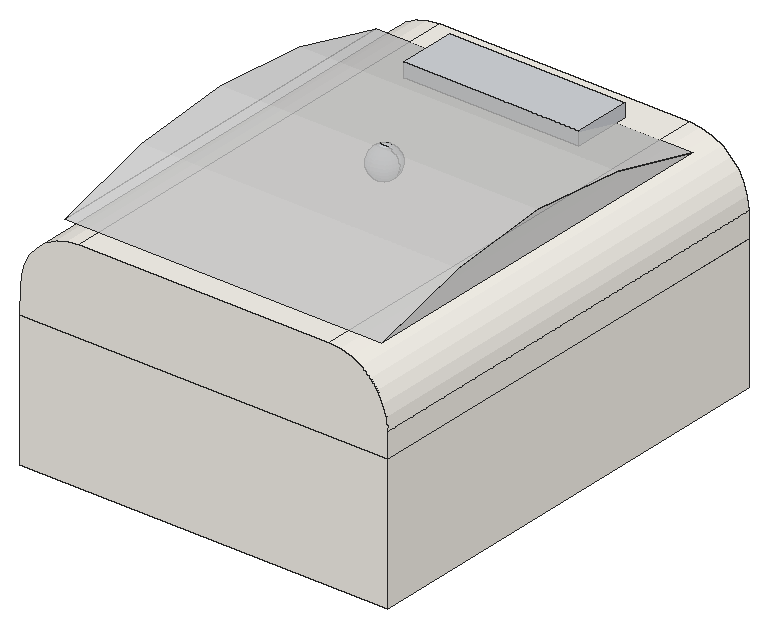
Revit family "Domotics-DomesticRanges-GEWISS-CHORUS_SIGNALLING-LAMP_ANTIBLACKOUT_EXTRACTABLE", category Apparecchi elettrici, host Superficie, Revit 2016
Family settings
  Host = Superficie
  Mantenere orientamento annotazione = Sì
  Tipo di parte = Normale
  Quota connettore circolare = Usa diametro
  Taglio con vuoti quando caricato = Sì
  Condiviso = Sì
  Punto di calcolo locali = Sì
Parameters (values of type "GW14661 - EXT.ANTI-BLACKOUT LAMP 230VAC 50/60Hz T.")
  finitura = GEWISS NERO
  Visibilità simbolo in pianta [instance] = yes
  Visibilità lampada [instance] = yes
  Version file RFA = "19.0"
  URL = "https://www.gewiss.com/ww/en"
  Type: = "Withdrawable"
  Tipo_ = CHORUS LAMPADE ANTIBLACK-OUT ESTRAIBILE_G : GW14661 Lampada anti black-out estraibile 230V ac 50/60Hz 2h titanio
  Technical sheet = "https://www.gewiss.com/ww/en/search?q=GW14661"
  Supply voltage = "230 V ac - 50/60 Hz"
  SEO = "Lamp"
  Realized by GEWISS S.p.A. = ""
  Produttore = "GEWISS S.p.A."
  Power supply batteries = "Ni - Mh"
  Offset_bidimensionale [instance] = 2 mm
  Default Elevation = 1219.2 mm
  Offset_lampada [instance] = 0 mm
  Modello = "GW14661"
  Minimum autonomy = "2H"
  Larghezza_lampada = 23 mm
  Lamp = "LED"
  Immagine tipo = GW14661.jpg
  IFC.TypeObject = ""
  IFC.ExportType = ""
  IFC.ExportAs = ""
  IDT = "d6ec7bda-7e47-4b3f-94b6-7140f3f874e4"
  IDF = "b7dda38d-db55-4de2-a9c0-19da66d1ca7b"
  Electrocod = "0781                "
  EAN code = "8011564438309"
  Distanza_x [instance] = 0 mm
  Distanza_effettiva_x [instance] = 1500 mm - Distanza_x  # 1500 mm
  Descrizione = "EXT.ANTI-BLACKOUT LAMP 230VAC 50/60Hz T."
  Description. = "Extractable anti black-out lamp"
  Colour = "Titanium"
  Catalogue Range = "CHORUS - DOMESTIC RANGE"
  Catalogue = "DOMOTICS"
  COBie.Tagnumber = ""
  COBie.CreatedOn = ""
  COBie.CreatebBy = ""
  COBie.ComponentRegisterItemID = ""
  COBie.Component.TagNumber = ""
  COBie.Component.Space = ""
  COBie.Component.SerialNumber = ""
  COBie.Component.InstallationDate = ""
  COBie.Component.Description = ""
  COBie.Component.BarCode = ""
  Altezza_lampada = 45 mm
Types (3, lengths in mm): name | Tipo_ | Technical sheet | Modello | Immagine tipo | IDT | EAN code | Descrizione | Colour
  GW10661 - EXT.ANTI-BLACKOUT LAMP 230VAC 50/60Hz 2h | CHORUS LAMPADE ANTIBLACK-OUT ESTRAIBILE_G : GW10661 Lampada anti black-out estraibile 230V ac 50/60Hz 2h bianco | "https://www.gewiss.com/ww/en/search?q=GW10661" | "GW10661" | GW10661.jpg | "7354810d-7fdf-41ae-958a-27d447c901bf" | "8011564259928" | "EXT.ANTI-BLACKOUT LAMP 230VAC 50/60Hz 2h" | "White"
  GW12661 - EXT.ANTI-BLACKOUT LAMP 230VAC 50/60Hz 2h | CHORUS LAMPADE ANTIBLACK-OUT ESTRAIBILE_G : GW12661 Lampada anti black-out estraibile 230V ac 50/60Hz 2h nero | "https://www.gewiss.com/ww/en/search?q=GW12661" | "GW12661" | GW12661.jpg | "bd851569-3ac3-4145-8da6-418a121a21f1" | "8011564269941" | "EXT.ANTI-BLACKOUT LAMP 230VAC 50/60Hz 2h" | "Black"
  GW14661 - EXT.ANTI-BLACKOUT LAMP 230VAC 50/60Hz T. | CHORUS LAMPADE ANTIBLACK-OUT ESTRAIBILE_G : GW14661 Lampada anti black-out estraibile 230V ac 50/60Hz 2h titanio | "https://www.gewiss.com/ww/en/search?q=GW14661" | "GW14661" | GW14661.jpg | "d6ec7bda-7e47-4b3f-94b6-7140f3f874e4" | "8011564438309" | "EXT.ANTI-BLACKOUT LAMP 230VAC 50/60Hz T." | "Titanium"
Reference planes
  plane 1 "Centro (Fronte/Retro)": y = 0
  plane 2: z = 0
  plane 3 "Centro (Sinistra/Destra)": x = 0
  plane 4: x = -1500
  plane 5: x = 0
  plane 6: z = 0
  plane 7: z = 26
  plane 8 "bd": z = 28
Lines and regions (mm)
  Masking region 1, detail levels coarse
    outline origin (0, 0, 0) x (1, 0, 0) y (0, 0, 1)
      loop
        line (22, 0) -> (22, 26) -> (-22, 26) -> (-22, 0) -> (22, 0)
Dimensions and locks
  plane 4 to plane 3 "Centro (Sinistra/Destra)" = 1500 mm
  "Distanza_effettiva_x": plane 4 to plane 5
  "Offset_lampada": plane 6 to host face
  locked: plane 7 to plane 6 at 26
  "Offset_bidimensionale": plane 8 "bd" to plane 7
  aligned and locked: plane 2 to host face
  aligned and locked: level to host face
  aligned and locked: nested 1 to plane 6
  aligned and locked: nested 1 to Masking region 1 sketch curve
  aligned and locked: plane 5 to nested 2
  aligned and locked: plane 1 "Centro (Fronte/Retro)" to nested 1
  aligned and locked: plane 3 "Centro (Sinistra/Destra)" to nested 1
Automatic sketch dimensions
  host sketch curve to host sketch curve = 2438.4 mm  (x2)
  Masking region 1 sketch curve to plane 7 = 0 mm
  Masking region 1 sketch curve to plane 3 "Centro (Sinistra/Destra)" = 22 mm
  Masking region 1 sketch curve to Masking region 1 sketch curve = 44 mm
Nested families
  nested 1: "CHORUS LAMPADE ANTIBLACK-OUT ESTRAIBILE_G" at (-11.2, 0, 0), visible <- "Visibilità lampada", type <- "Tipo_", type "GW14661 Lampada anti black-out estraibile 230V ac 50/60Hz 2h titanio", detail levels medium+fine
    with Spostamento_y_effettivo_etichetta 1000 mm, Spostamento_X_etichetta 0 mm, Spostamento_X_effettivo_etichetta 1000 mm, Distanza orizzontale del simbolo 0 mm, Distanza dal muro 4.208 mm, Cornice simbolo yes
  nested 2: "LAMPEMERG" at (0, 209.005, 0), SIMBOLO <- "Visibilità simbolo in pianta", type "LAMPEMERG"
    with SIMBOLO yes, Distanza dal muro 6 mm, BORDO ACCESO yes
Definition of nested family "CHORUS LAMPADE ANTIBLACK-OUT ESTRAIBILE_G"
  Parameters (values of type "tipo 1")
    Spostamento_y_effettivo_etichetta [instance] = 1000 mm
    Spostamento_X_etichetta [instance] = 0 mm
    Spostamento_X_effettivo_etichetta [instance] = 1000 mm - Spostamento_X_etichetta  # 1000 mm
    Default Elevation = 1219.2 mm
    Manufacturer = "GEWISS"
    Model = "GW12195"
    Materiale = none
    L = 54 mm
    Type Image = (empty or 0)
    IFC.TypeObject = ""
    IFC.ExportType = ""
    IFC.ExportAs = ""
    H = 44 mm
    Distanza orizzontale del simbolo [instance] = 0 mm
    Distanza dal muro [instance] = 4.208 mm
    Description = "COPRIFORO 1M NERO"
    Cornice simbolo [instance] = yes
    Type Comments = ""
    COBie.CreatedOn = ""
    COBie.CreatebBy = ""
    COBie.ComponentRegisterItemID = ""
    COBie.Component.TagNumber = ""
    COBie.Component.Space = ""
    COBie.Component.SerialNumber = ""
    COBie.Component.InstallationDate = ""
    COBie.Component.Description = ""
    COBie.Component.BarCode = ""
  Reference planes
    plane 1 "Centro (Fronte/Retro)": y = 0
    plane 2: z = 0
    plane 3 "Centro (Sinistra/Destra)": x = 0
    plane 4: x = 33.2
    plane 5: x = -10.8
    plane 6: x = 0
    plane 7: x = 11.2
    plane 8: y = 27
    plane 9: y = -27
    plane 10: through (-60.367, 53, 1200) normal (0.9613, 0.2756, 0)
    plane 11: through (-48.369, -19.812, 1200) normal (-0.6428, 0.766, 0)
    plane 12: z = 16
    plane 13: x = 17.255
    plane 14: y = 5
    plane 15: y = -5
    plane 16: x = 2.054
    plane 17: y = 4.5
    plane 18: x = 2.554
    plane 19: x = 16.755
    plane 20: y = -4.5
    plane 21: z = 26.5
    plane 22 "a": z = 26
    plane 23: x = -7.8
    plane 24: x = 30.2
  Forms (mm)
    Extrusion 1, solid, material <- "Materiale"
      sketch origin (0, 0, 0) x (1, 0, 0) y (0, 0, 1)
        loop
          line (-10.8, 19) -> (-10.8, 16) -> (33.2, 16) -> (33.2, 19)
          arc (33.2, 19) -> (31.15, 23.95) -> (26.2, 26) r 7
          line (26.2, 26) -> (-3.8, 26)
          arc (-3.8, 26) -> (-8.75, 23.95) -> (-10.8, 19) r 7
      from -27 to 27
    Extrusion 2, solid, material <- "Materiale"
      sketch origin (0, 0, 0) x (1, 0, 0) y (0, 0, 1)
        loop
          line (-10.8, 0) -> (33.2, 0) -> (33.2, 16) -> (-10.8, 16) -> (-10.8, 0)
      from -27 to 27
    Extrusion 3, solid
      sketch origin (0, 0, 0) x (0, 1, 0) y (0, 0, 1)
        loop
          line (-24.066, 26) -> (22.633, 26)
          arc (22.633, 26) -> (-0.717, 30.131) -> (-24.066, 26) r 68.054
      from -7.8 to 30.2
    Extrusion 4, solid
      sketch origin (0, 0, 26) x (-1, 0, 0) y (0, -1, 0)
        loop
          line (0, -23.792) -> (0, -16.989) -> (-20.95, -16.989) -> (-20.95, -23.792) -> (0, -23.792)
      from 0 to 1.647
    Revolve 5, solid
      sketch origin (0, 0, 0) x (1, 0, 0) y (0, 0, 1)
        loop
          line (11.2, 26.5) -> (11.2, 30.135)
          arc (11.2, 30.135) -> (9.382, 28.318) -> (11.2, 26.5) r 1.818
        axis (11.2, 30.135) -> (11.2, 26.5)
      angle from 0 to 360
  Text (mm)
    text "B=C*A" at (54.401, 20.009, 0), in view "Livello rif."
  Dimensions and locks
    equal spacing: plane 8, plane 1 "Centro (Fronte/Retro)", plane 9
    "L": plane 8 to plane 9
    equal spacing: plane 5, plane 7, plane 4
    "H": plane 5 to plane 4
    locked: plane 12 to plane 2 at 16
    equal spacing: plane 14, plane 1 "Centro (Fronte/Retro)", plane 15
    locked: plane 14 to plane 17 at 0.5
    locked: plane 16 to plane 18 at 0.5
    locked: plane 20 to plane 15 at 0.5
    locked: plane 19 to plane 13 at 0.5
    locked: plane 21 to Extrusion 1 at 0.5
    locked: plane 5 to plane 23 at 3
    locked: plane 24 to plane 4 at 3
    angle plane 1 "Centro (Fronte/Retro)" to plane 7 = 90.00°
    angle plane 11 to plane 10 = 66.00°
    angle plane 10 to plane 11 = 114.00°
    aligned and locked: level to plane 2
    aligned and locked: Extrusion 1 sketch curve to plane 5
    aligned and locked: Extrusion 1 sketch curve to plane 4
    aligned and locked: plane 8 to Extrusion 1
    aligned and locked: Extrusion 1 to plane 9
    aligned and locked: plane 12 to Extrusion 1 sketch curve
    aligned and locked: Extrusion 2 sketch curve to plane 12
    aligned and locked: Extrusion 2 sketch curve to plane 5
    aligned and locked: plane 4 to Extrusion 2 sketch curve
    aligned and locked: Extrusion 2 sketch curve to plane 2
    aligned and locked: plane 8 to Extrusion 2
    aligned and locked: Extrusion 2 to plane 9
    aligned and locked: Extrusion 3 to plane 23
    aligned and locked: plane 24 to Extrusion 3
    aligned and locked: Extrusion 4 to Extrusion 1
  Automatic sketch dimensions
    Extrusion 1 sketch curve to Extrusion 1 sketch curve = 3 mm
    plane 5 to Extrusion 1 sketch curve = 7 mm
    Extrusion 1 sketch curve to plane 4 = 7 mm
    Extrusion 3 sketch curve to plane 22 "a" = 0 mm
    plane 1 "Centro (Fronte/Retro)" to Extrusion 3 sketch curve = 0.717 mm
    Extrusion 3 sketch curve to level = 37.923 mm
    plane 9 to Extrusion 3 sketch curve = 2.934 mm
    Extrusion 4 sketch curve to plane 3 "Centro (Sinistra/Destra)" = 0 mm
    plane 13 to Extrusion 4 sketch curve = 3.696 mm
    Extrusion 4 sketch curve to plane 8 = 3.208 mm
    Extrusion 4 sketch curve to Extrusion 4 sketch curve = 6.804 mm
    Revolve 5 sketch curve to plane 7 = 0 mm  (x2)
    Revolve 5 sketch curve to plane 21 = 0 mm  (x2)
    Revolve 5 sketch curve to Revolve 5 sketch curve = 1.818 mm
    Revolve 5 sketch curve to Revolve 5 sketch curve = 0 mm
Definition of nested family "LAMPEMERG"
  Parameters (values of type "LAMPEMERG")
    SIMBOLO [instance] = yes
    Distanza dal muro [instance] = 4.208 mm
    BORDO ACCESO [instance] = yes
  Reference planes
    plane 1: y = 0
    plane 2: x = 0
  Lines and regions (mm)
    detail lines, visible <- "SIMBOLO"
      curve 1: line (-1.388, 7.837, 0) -> (-1.388, 5.077, 0)
      curve 2: line (-1.388, 5.077, 0) -> (1.372, 5.077, 0)
      curve 3: line (1.372, 5.077, 0) -> (1.372, 7.837, 0)
      curve 4: line (1.372, 7.837, 0) -> (-1.388, 7.837, 0)
      curve 5: line (-1.388, 7.837, 0) -> (-0.325, 6.774, 0)
      curve 6: line (-0.325, 6.14, 0) -> (-1.388, 5.077, 0)
      curve 11: line (0.309, 6.14, 0) -> (0.309, 6.774, 0)
      curve 12: line (0.309, 6.774, 0) -> (-0.325, 6.774, 0)
      curve 13: line (-0.325, 6.774, 0) -> (-0.325, 6.14, 0)
      curve 14: line (-0.325, 6.14, 0) -> (0.309, 6.14, 0)
      curve 15: line (0.309, 6.14, 0) -> (1.372, 5.077, 0)
      curve 16: line (1.372, 7.837, 0) -> (0.309, 6.774, 0)
    detail lines, visible <- "BORDO ACCESO"
      curve 7: line (-1.813, 8.262, 0) -> (-1.813, 4.652, 0)
      curve 8: line (-1.813, 4.652, 0) -> (1.797, 4.652, 0)
      curve 9: line (1.797, 4.652, 0) -> (1.797, 8.262, 0)
      curve 10: line (1.797, 8.262, 0) -> (-1.813, 8.262, 0)
